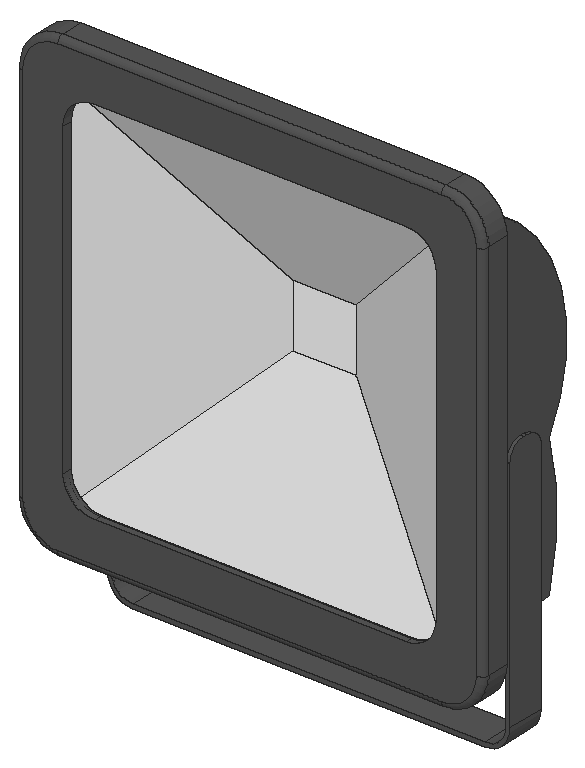
Revit family "0047826 Feilo Sylvania Lighting Fixture START FLOOD LED 4400LM 50W 3000K", category Lighting Fixtures, host Face, Revit 2017
Family settings
  Host = Face
  Round Connector Dimension = Use Diameter
  Part Type = Normal
  OmniClass Number = 23.80.70.00
  OmniClass Title = Lighting
  Cut with Voids When Loaded = No
  Light Source = No
  Shared = No
  Room Calculation Point = No
Parameters (values of type "0047826 START FLOOD LED 4400LM 50W 3000K")
  Weight = "8.915 kg"
  Wattage Comments = ""
  WarrantyStartDate [instance] = "n/a"
  WarrantyGuarantorParts = "n/a"
  WarrantyDurationUnit = "n/a"
  WarrantyDurationParts = "n/a"
  WarrantyDescription = "n/a"
  Voltage = 230 V
  URL = "http://www.sylvania-lighting.com"
  TypeName = "START FLOOD LED 4400LM 50W 3000K"
  Type Image = <None>
  Type Comments = "n/a"
  TiltAngle_FEILO [instance] = 0.00°
  SerialNumber [instance] = "n/a"
  Material_3_FEILO = none
  PowerFactor = 0
  PowerConsumption = "50 W"
  NominalLength = 70.8 mm
  NominalHeight = 268.3 mm
  NominalDepth = 220.7 mm
  Name = "START FLOOD LED 4400LM 50W 3000K"
  ModelReference = Name  # "START FLOOD LED 4400LM 50W 3000K"
  ModelNumber = "0047826"
  Model = Name  # "START FLOOD LED 4400LM 50W 3000K"
  Material = "die-cast aluminium housing, glass diffuser"
  ManufacturerName = "Feilo Sylvania"
  Manufacturer = "Feilo Sylvania"
  LuminousEfficacy = "88 lm/W"
  LuminaireType = ""
  LightOutputRatio = "100"
  LampsType = Lamp  # "LED"
  LampNominalLuminous = "4400 lm"
  LampMacAdamStep = "n/a"
  LampColourTemperature = "3000 K"
  LampColourRenderingIndex = "0"
  Lamp = "LED"
  Keynote = "16500"
  InstallationDate [instance] = "n/a"
  InputVoltage = "220-240V~"
  InputNominalFrequency = "n/a"
  IngressProtection = "IP65"
  ImpactProtectionIndex = "IK07"
  IfcExportType = "IfcLightFixtureType"
  IfcExportAs = "IfcLightFixtureType"
  ExpectedLife = 50000
  EndAngle_FEILO [instance] = TiltAngle_FEILO + 180.00°  # 180.00°
  ElectricShockClassification = "Class I"
  DurationUnit = "hours"
  DocumentationLiterature = "http://www.sylvania-lighting.com/product/en-int/products/0047826"
  DimmingControlOptions = "n/a"
  Material_2_FEILO = none
  Description = "LED IP65 floodlight, 4400LM, 50W, 3000K, 100 degree beam angle, black aluminium die-cast body, slimline 70.8x220.7mmx220.7mm, lifetime 30,000hrs."
  Default Elevation = 1219.2 mm
  CreatedOn = "12/15/2017"
  CreatedBy = ""
  Cost = 0
  built-in parameter 1114216 [instance] = (empty or 0)
  ClassificationValue = "EF_70_80"
  ClassificationName = "Uniclass2015"
  Material_1_FEILO = Body-Sylvania-StartFlood-Black
  BracketWidth_FEILO = 18 mm
  BracketThickness_FEILO = 2 mm
  BracketRadius_FEILO = 10 mm
  BracketRadiusOuter_FEILO = BracketRadius_FEILO + BracketThickness_FEILO  # 12 mm
  BracketInnerWidth_FEILO = 186.4 mm
  BracketHeight_FEILO = 132 mm
  BracketFillet_FEILO = BracketWidth_FEILO / 2 - 1 mm  # 8 mm
  BracketAxisFromTop_FEILO = BracketWidth_FEILO / 2  # 9 mm
  BarCode [instance] = "n/a"
  AssetType = "Fixed"
  AssetIdentifier [instance] = "n/a"
  Assembly Code = "D5020200"
  Apparent Load = 50 VA
  Material_4_FEILO = none
Reference planes
  plane 1 "Center (Front/Back)": y = 0
  plane 2: z = 0
  plane 3 "Center (Left/Right)": x = 0
  plane 4: x = -93.2
  plane 5: x = 95.2
  plane 6: z = 132
  plane 7: x = -95.2
  plane 8: z = 2
  plane 9: x = 93.2
  plane 10: y = 9
  plane 11: y = -9
  plane 12: y = -10
  plane 13: y = 10
  plane 14: z = 133
  plane 15: z = 123
Forms (mm)
  Extrusion 1, solid, material "Body-Sylvania-StartFlood-Black" <- "Material_1_FEILO"
    sketch origin (0, 0, 0) x (1, 0, 0) y (0, 0, 1)
      loop
        line (-93.2, 132) -> (-95.2, 132) -> (-95.2, 12)
        arc (-95.2, 12) -> (-91.685, 3.515) -> (-83.2, 0) r 12
        line (-83.2, 0) -> (83.2, 0)
        arc (83.2, 0) -> (91.685, 3.515) -> (95.2, 12) r 12
        line (95.2, 12) -> (95.2, 132) -> (93.2, 132) -> (93.2, 12)
        arc (93.2, 12) -> (90.271, 4.929) -> (83.2, 2) r 10
        line (83.2, 2) -> (-83.2, 2)
        arc (-83.2, 2) -> (-90.271, 4.929) -> (-93.2, 12) r 10
        line (-93.2, 12) -> (-93.2, 132)
    from -9 to 9
  Extrusion 2, void
    sketch origin (0, 0, 0) x (0, 1, 0) y (0, 0, 1)
      loop
        arc (1, 132) -> (6.657, 129.657) -> (9, 124) r 8
        line (9, 124) -> (10, 124) -> (10, 133) -> (-10, 133) -> (-10, 124) -> (-9, 124)
        arc (-9, 124) -> (-6.657, 129.657) -> (-1, 132) r 8
        line (-1, 132) -> (1, 132)
    from -95.2 to 95.2
  Revolve 3, solid, not visible
    sketch origin (0, 0, 0) x (1, 0, 0) y (0, 0, 1)
      loop
        line (0, 123) -> (0, 132) -> (-13.68, 132) -> (-13.68, 123) -> (0, 123)
      axis (0, 123) -> (-13.68, 123)
    angle from 0 <- "TiltAngle_FEILO" to 180 <- "EndAngle_FEILO"
Cuts and joins
  Extrusion 2 cuts Extrusion 1
Dimensions and locks
  plane 5 to plane 3 "Center (Left/Right)" to plane 4 = 95.2 mm, 93.2 mm
  "BracketThickness_FEILO": plane 8 to plane 2
  "BracketThickness_FEILO": plane 4 to plane 7
  "BracketThickness_FEILO": plane 5 to plane 9
  locked: plane 6 to plane 14 at 1
  "BracketAxisFromTop_FEILO": plane 15 to plane 6
  "BracketWidth_FEILO": plane 11 to plane 10
  equal spacing: plane 11, plane 1 "Center (Front/Back)", plane 10
  equal spacing: plane 12, plane 1 "Center (Front/Back)", plane 13
  locked: plane 10 to plane 13 at 1
  "BracketHeight_FEILO": plane 6 to plane 2
  equal spacing: plane 9, plane 3 "Center (Left/Right)", plane 4
  "BracketInnerWidth_FEILO": plane 9 to plane 4
  equal spacing: plane 5, plane 3 "Center (Left/Right)", plane 7
  "BracketRadius_FEILO": radius of Extrusion 1 sketch curve  (x2)
  "BracketRadiusOuter_FEILO": radius of Extrusion 1 sketch curve  (x2)
  "BracketFillet_FEILO": radius of Extrusion 2 sketch curve  (x2)
  aligned and locked: plane 2 to host face
  aligned and locked: level to host face
  aligned and locked: plane 6 to Extrusion 1 sketch curve  (x3)
  aligned and locked: Extrusion 1 sketch curve to plane 4
  aligned and locked: plane 8 to Extrusion 1 sketch curve
  aligned and locked: plane 9 to Extrusion 1 sketch curve
  aligned and locked: Extrusion 1 sketch curve to plane 5
  aligned and locked: level to Extrusion 1 sketch curve
  aligned and locked: plane 7 to Extrusion 1 sketch curve
  aligned and locked: Extrusion 1 to plane 10
  aligned and locked: plane 11 to Extrusion 1
  aligned and locked: Extrusion 1 to Extrusion 2 sketch curve
  aligned and locked: plane 14 to Extrusion 2 sketch curve
  aligned and locked: Extrusion 2 sketch curve to plane 12
  aligned and locked: plane 13 to Extrusion 2 sketch curve
  aligned and locked: plane 5 to Extrusion 2
  aligned and locked: Extrusion 2 to plane 7
  aligned and locked: Extrusion 1 to Extrusion 2  (x2)
  aligned and locked: Revolve 3 sketch curve to plane 15  (x2)
  aligned and locked: Revolve 3 sketch curve to plane 3 "Center (Left/Right)"
  aligned and locked: plane 6 to Revolve 3 sketch curve
Automatic sketch dimensions
  host sketch curve to host sketch curve = 2438.4 mm  (x2)
  Extrusion 2 sketch curve to plane 11 = 0 mm
  Extrusion 2 sketch curve to plane 10 = 0 mm
  Revolve 3 sketch curve to plane 3 "Center (Left/Right)" = 13.68 mm
  Revolve 3 sketch curve to plane 7 = 1481.135 mm
  plane 5 to Revolve 3 sketch curve = 1608.273 mm
Nested families
  nested 1: "0047822 START FLOOD LED 2100LM 26W 3000K body" at (0, 0, 144.401) x (1, 0, 0) z (0, -1, 0), type "0047822 START FLOOD LED 2100LM 26W 3000K"
    with built-in parameter 1114216 (empty or 0)
Connectors
  electrical at (0, 0, 0), driven by "Apparent Load", driven by "PowerFactor", driven by "Voltage"
    settings: index 1, voltage 230 V, apparent load 50 VA, apparent load phase1 0 VA, apparent load phase2 0 VA, apparent load phase3 0 VA, power factor 0, load classification "Lighting", number of poles 1, system type 30, power factor state 1, is connector primary yes, connector utility no, sub classification motor no, connector description ""
Definition of nested family "0047822 START FLOOD LED 2100LM 26W 3000K body"
  Parameters (values of type "0047822 START FLOOD LED 2100LM 26W 3000K")
    Wattage Comments = "n/a"
    Wattage = 26 W
    built-in parameter 1150110 = 1 (stored number, unit not read)
    URL = "http://www.feilosylvania.com"
    Type Image = (empty or 0)
    Type Comments = "n/a"
    built-in parameter 1114217 = 1 (stored number, unit not read)
    Tilt Angle = -90.00°
    built-in parameter 1150109 = 1 (stored number, unit not read)
    built-in parameter 1150134 = (empty or 0)
    built-in parameter 1150113 = 1 (stored number, unit not read)
    ScreenThickness_FEILO = BodyDepth_FEILO / 5.22  # 13.602 mm
    ScreenRadius_FEILO = BodyWidth_FEILO / 15  # 14.713 mm
    ScreenOffsetTop_FEILO = BodyHeight_FEILO / 10  # 22.07 mm
    ScreenOffsetSide_FEILO = BodyWidth_FEILO / 10  # 22.07 mm
    ScreenOffsetFromTop_FEILO = BodyDepth_FEILO / 16  # 4.438 mm
    ScreenChamfer_FEILO = BodyWidth_FEILO / 36  # 6.131 mm
    Photometric Web File = "0047822.ies"
    Material_3_FEILO = none
    Model = "START FLOOD LED 2100LM 26W 3000K"
    Manufacturer = "Feilo Sylvania"
    built-in parameter 1150105 = 948.78 (stored number, unit not read)
    Lumens = 2106 lm
    built-in parameter 1150115 = 1 (stored number, unit not read)
    built-in parameter 1150137 = (empty or 0)
    built-in parameter 1150139 = (empty or 0)
    built-in parameter 1150112 = 1 (stored number, unit not read)
    built-in parameter 1150114 = 1 (stored number, unit not read)
    Lamp = "LED"
    Keynote = "16500"
    Material_2_FEILO = none
    built-in parameter 1150132 = (empty or 0)
    built-in parameter 1150102 = (empty or 0)
    built-in parameter 1150107 = 3000 (stored number, unit not read)
    built-in parameter 1150138 = (empty or 0)
    built-in parameter 1150106 = 9.4878 (stored number, unit not read)
    Emit from Rectangle Width = 170 mm
    Emit from Rectangle Length = 170 mm
    Emit Shape Visible in Rendering = no
    built-in parameter 1150104 = 7.5251 (stored number, unit not read)
    Dimming Lamp Color Temperature Shift = (empty or 0)
    Description = "LED IP65 floodlight, 2100LM, 26W, 3000K, 100 degree beam angle, black aluminium die-cast body, slimline 59.5mmx151.3mmx180mm, lifetime 30,000hrs."
    Default Elevation = 1219.2 mm
    Cost = 0
    Color Filter = 16777215
    built-in parameter 1114216 [instance] = (empty or 0)
    Material_1_FEILO = none
    BodyWidth_FEILO = 220.7 mm
    BodyTopFromAxis_FEILO = BodyDepth_FEILO / 1.62  # 43.827 mm
    BodyRadius_FEILO = BodyWidth_FEILO / 11.25  # 19.618 mm
    BodyHeight_FEILO = 220.7 mm
    BodyFillet_FEILO = 3 mm
    BodyDepth_FEILO = 71 mm
    built-in parameter 1114218 = 1 (stored number, unit not read)
    Back_3_FEILO = BodyHeight_FEILO / 3.3  # 66.879 mm
    Back_2_FEILO = BodyDepth_FEILO / 6.67  # 10.645 mm
    Back_1_FEILO = BodyDepth_FEILO / 12  # 5.917 mm
    BackOffset_FEILO = BodyWidth_FEILO / 45  # 4.904 mm
    built-in parameter 1150133 = 10 (stored number, unit not read)
    Assembly Code = "D5020200"
    Apparent Load = 26 VA
    Material_4_FEILO = none
  Reference planes
    plane 1 "Center (Front/Back)": y = 0
    plane 2: z = 0
    plane 3 "Center (Left/Right)": x = 0
    plane 4: x = 110.35
    plane 5: x = -110.35
    plane 6: y = 110.35
    plane 7: y = -110.35
    plane 8: x = -88.28
    plane 9: x = 88.28
    plane 10: y = 88.28
    plane 11: y = -88.28
    plane 12: x = -107.35
    plane 13: y = 107.35
    plane 14: y = -107.35
    plane 15: x = 107.35
    plane 16: z = 43.827
    plane 17: z = -27.173
    plane 18: z = 30.226
    plane 19: z = 39.39
    plane 20: z = 40.827
    plane 21: y = 93.184
    plane 22: x = -93.184
    plane 23: y = -93.184
    plane 24: x = 93.184
    plane 25: z = -21.256
    plane 26: y = -21.401
    plane 27: z = -16.528
    plane 28: x = -15
    plane 29: x = 15
    plane 30: y = 15
    plane 31: y = -15
  Forms (mm)
    Extrusion 1, solid
      sketch origin (4.2, 0, 0) x (1, 0, 0) y (0, 1, 0)
        loop
          line (-1219.2, 1219.2) -> (-1219.2, -1219.2) -> (1219.2, -1219.2) -> (1219.2, 1219.2) -> (-1219.2, 1219.2)
      from 0 to -68.017
    Extrusion 2, solid, material <- "Material_1_FEILO"
      sketch origin (0, 1219.2, 43.827) x (1, 0, 0) y (0, -1, 0)
        loop
          line (-90.732, 1108.85) -> (90.732, 1108.85)
          arc (90.732, 1108.85) -> (104.604, 1114.596) -> (110.35, 1128.468) r 19.618
          line (110.35, 1128.468) -> (110.35, 1309.932)
          arc (110.35, 1309.932) -> (104.604, 1323.804) -> (90.732, 1329.55) r 19.618
          line (90.732, 1329.55) -> (-90.732, 1329.55)
          arc (-90.732, 1329.55) -> (-104.604, 1323.804) -> (-110.35, 1309.932) r 19.618
          line (-110.35, 1309.932) -> (-110.35, 1128.468)
          arc (-110.35, 1128.468) -> (-104.604, 1114.596) -> (-90.732, 1108.85) r 19.618
      from 13.602 to 0
    Extrusion 3, void
      sketch origin (0, 1219.2, 43.827) x (0, -1, 0) y (1, 0, 0)
        loop
          arc (1130.92, -73.567) -> (1135.229, -83.971) -> (1145.633, -88.28) r 14.713
          line (1145.633, -88.28) -> (1292.767, -88.28)
          arc (1292.767, -88.28) -> (1303.171, -83.971) -> (1307.48, -73.567) r 14.713
          line (1307.48, -73.567) -> (1307.48, 73.567)
          arc (1307.48, 73.567) -> (1303.171, 83.971) -> (1292.767, 88.28) r 14.713
          line (1292.767, 88.28) -> (1145.633, 88.28)
          arc (1145.633, 88.28) -> (1135.229, 83.971) -> (1130.92, 73.567) r 14.713
          line (1130.92, 73.567) -> (1130.92, -73.567)
      from 0 to -4.437
    Sweep 4, void
      path in 3D
        loop
          arc (90.732, -110.35, 43.827) -> (104.604, -104.604, 43.827) -> (110.35, -90.732, 43.827) r 19.618
          line (110.35, -90.732, 43.827) -> (110.35, 90.732, 43.827)
          arc (110.35, 90.732, 43.827) -> (104.604, 104.604, 43.827) -> (90.732, 110.35, 43.827) r 19.618
          line (90.732, 110.35, 43.827) -> (-90.732, 110.35, 43.827)
          arc (-90.732, 110.35, 43.827) -> (-104.604, 104.604, 43.827) -> (-110.35, 90.732, 43.827) r 19.618
          line (-110.35, 90.732, 43.827) -> (-110.35, -90.732, 43.827)
          arc (-110.35, -90.732, 43.827) -> (-104.604, -104.604, 43.827) -> (-90.732, -110.35, 43.827) r 19.618
          line (-90.732, -110.35, 43.827) -> (90.732, -110.35, 43.827)
      profile origin (0, -110.35, 43.827) x (0, 1, 0) y (0, 0, 1)
        loop
          line (3, 0) -> (5, 0) -> (5, 1.111) -> (-1.5, 1.111) -> (-1.5, -4.617) -> (0, -4.617) -> (0, -3)
          arc (0, -3) -> (0.879, -0.879) -> (3, 0) r 3
    Extrusion 5, solid, material <- "Material_1_FEILO"
      sketch origin (0, 0, 0) x (0, 1, 0) y (0, 0, 1)
        loop
          line (-93.184, 30.226) -> (-88.28, -16.528)
          arc (-88.28, -16.528) -> (-54.841, -21.256) -> (-21.401, -16.528) r 120.609
          arc (-21.401, -16.528) -> (47.174, -20.802) -> (93.184, 30.226) r 79.038
          line (93.184, 30.226) -> (-93.184, 30.226)
      from -93.184 to 93.184
    Blend 6, void
      base sketch origin (0, 1219.2, 39.39) x (0, -1, 0) y (1, 0, 0)
        loop
          line (1130.92, -88.28) -> (1307.48, -88.28) -> (1307.48, 88.28) -> (1130.92, 88.28) -> (1130.92, -88.28)
      top sketch origin (0, 1219.2, 39.39) x (0, -1, 0) y (1, 0, 0)
        loop
          line (1204.2, -15) -> (1234.2, -15) -> (1234.2, 15) -> (1204.2, 15) -> (1204.2, -15)
      from 0 to -39.39
    Extrusion 7, solid, material <- "Material_4_FEILO"
      sketch origin (0, 1219.2, 43.827) x (1, 0, 0) y (0, -1, 0)
        loop
          arc (-88.28, 1145.633) -> (-83.971, 1135.229) -> (-73.567, 1130.92) r 14.713
          line (-73.567, 1130.92) -> (73.567, 1130.92)
          arc (73.567, 1130.92) -> (83.971, 1135.229) -> (88.28, 1145.633) r 14.713
          line (88.28, 1145.633) -> (88.28, 1292.767)
          arc (88.28, 1292.767) -> (83.971, 1303.171) -> (73.567, 1307.48) r 14.713
          line (73.567, 1307.48) -> (-73.567, 1307.48)
          arc (-73.567, 1307.48) -> (-83.971, 1303.171) -> (-88.28, 1292.767) r 14.713
          line (-88.28, 1292.767) -> (-88.28, 1145.633)
      from 0 to 3
  Cuts and joins
    Extrusion 3, Sweep 4, Blend 6 cuts Extrusion 2
    Blend 6 cuts Extrusion 5
    joined: Extrusion 2, Extrusion 5
  Lines and regions (mm)
    sketch lines
      curve 1: line (-90.732, -110.35, 43.827) -> (90.732, -110.35, 43.827)
      curve 2: arc (-90.732, -110.35, 43.827) -> (-104.604, -104.604, 43.827) -> (-110.35, -90.732, 43.827) r 19.618
      curve 3: line (-110.35, 90.732, 43.827) -> (-110.35, -90.732, 43.827)
      curve 4: arc (-110.35, 90.732, 43.827) -> (-104.604, 104.604, 43.827) -> (-90.732, 110.35, 43.827) r 19.618
      curve 5: line (90.732, 110.35, 43.827) -> (-90.732, 110.35, 43.827)
      curve 6: arc (90.732, 110.35, 43.827) -> (104.604, 104.604, 43.827) -> (110.35, 90.732, 43.827) r 19.618
      curve 7: line (110.35, -90.732, 43.827) -> (110.35, 90.732, 43.827)
      curve 8: arc (110.35, -90.732, 43.827) -> (104.604, -104.604, 43.827) -> (90.732, -110.35, 43.827) r 19.618
  Dimensions and locks
    equal spacing: plane 7, plane 1 "Center (Front/Back)", plane 6
    "BodyHeight_FEILO": plane 7 to plane 6
    equal spacing: plane 5, plane 3 "Center (Left/Right)", plane 4
    "BodyWidth_FEILO": plane 5 to plane 4
    equal spacing: plane 11, plane 1 "Center (Front/Back)", plane 10
    equal spacing: plane 8, plane 3 "Center (Left/Right)", plane 9
    "ScreenOffsetSide_FEILO": plane 5 to plane 8
    "ScreenOffsetTop_FEILO": plane 10 to plane 6
    equal spacing: plane 12, plane 3 "Center (Left/Right)", plane 15
    "BodyFillet_FEILO": plane 5 to plane 12
    equal spacing: plane 14, plane 1 "Center (Front/Back)", plane 13
    "BodyFillet_FEILO": plane 13 to plane 6
    "BodyTopFromAxis_FEILO": plane 16 to plane 2
    "BodyDepth_FEILO": plane 17 to plane 16
    "ScreenThickness_FEILO": plane 18 to plane 16
    "ScreenOffsetFromTop_FEILO": plane 19 to plane 16
    "BodyFillet_FEILO": plane 20 to plane 16
    locked: Sweep 4 sketch curve to profile plane at 1.5
    locked: plane 7 to Sweep 4 sketch curve at 5
    locked: Sweep 4 sketch curve to plane 20 at 1.617
    "BackOffset_FEILO": plane 10 to plane 21
    "BackOffset_FEILO": plane 22 to plane 8
    "BackOffset_FEILO": plane 9 to plane 24
    "BackOffset_FEILO": plane 23 to plane 11
    "Back_1_FEILO": plane 17 to plane 25
    "Back_3_FEILO": plane 11 to plane 26
    "Back_2_FEILO": plane 17 to plane 27
    equal spacing: plane 31, plane 1 "Center (Front/Back)", plane 30
    equal spacing: plane 28, plane 3 "Center (Left/Right)", plane 29
    locked: plane 28 to plane 3 "Center (Left/Right)" at 15
    locked: plane 1 "Center (Front/Back)" to plane 30 at 15
    "BodyRadius_FEILO": radius of Extrusion 2 sketch curve  (x4)
    "ScreenRadius_FEILO": radius of Extrusion 3 sketch curve  (x4)
    "BodyFillet_FEILO": radius of Sweep 4 sketch curve
    aligned and locked: plane 2 to Extrusion 1
    aligned and locked: level to Extrusion 1
    aligned and locked: Extrusion 2 sketch curve to plane 6
    aligned and locked: Extrusion 2 sketch curve to plane 5
    aligned and locked: plane 7 to Extrusion 2 sketch curve
    aligned and locked: plane 4 to Extrusion 2 sketch curve
    aligned and locked: plane 18 to Extrusion 2
    aligned and locked: Extrusion 2 to plane 16
    aligned and locked: plane 10 to Extrusion 3 sketch curve
    aligned and locked: plane 8 to Extrusion 3 sketch curve
    aligned and locked: Extrusion 3 sketch curve to plane 11
    aligned and locked: Extrusion 3 sketch curve to plane 9
    aligned and locked: plane 19 to Extrusion 3
    aligned and locked: Extrusion 3 to plane 16
    aligned and locked: plane 11 to Extrusion 5 sketch curve
    aligned and locked: plane 18 to Extrusion 5 sketch curve
    aligned and locked: plane 27 to Extrusion 5 sketch curve
    aligned and locked: plane 24 to Extrusion 5
    aligned and locked: Extrusion 5 to plane 22
    aligned and locked: plane 10 to Blend 6 sketch curve
    aligned and locked: plane 8 to Blend 6 sketch curve
    aligned and locked: Blend 6 sketch curve to plane 11
    aligned and locked: Blend 6 sketch curve to plane 9
    aligned and locked: plane 30 to Blend 6 sketch curve
    aligned and locked: plane 28 to Blend 6 sketch curve
    aligned and locked: Blend 6 sketch curve to plane 31
    aligned and locked: Blend 6 sketch curve to plane 29
    aligned and locked: Blend 6 to level
    aligned and locked: Blend 6 to plane 19
    aligned and locked: Extrusion 7 sketch curve to cut or joined group of Extrusion 2, Extrusion 3, Sweep 4, Extrusion 5, Blend 6  (x4)
    aligned and locked: plane 20 to Extrusion 7
    aligned and locked: Extrusion 7 to plane 16
    aligned and locked: plane 3 "Center (Left/Right)" to imposter light
    aligned and locked: imposter light to plane 1 "Center (Front/Back)"
    aligned and locked: imposter light to plane 16
  Automatic sketch dimensions
    Extrusion 1 sketch curve to Extrusion 1 sketch curve = 2438.4 mm  (x2)
    Sweep 4 sketch curve to profile plane = 0 mm  (x2)
    profile plane to Sweep 4 sketch curve = 1.111 mm
    Extrusion 5 sketch curve to plane 23 = 0 mm
    Extrusion 5 sketch curve to plane 26 = 0 mm
    Extrusion 5 sketch curve to plane 21 = 0 mm
    plane 27 to Extrusion 5 sketch curve = 0 mm
    Extrusion 5 sketch curve to plane 30 = 2.314 mm
    Extrusion 5 sketch curve to plane 16 = 55.526 mm
